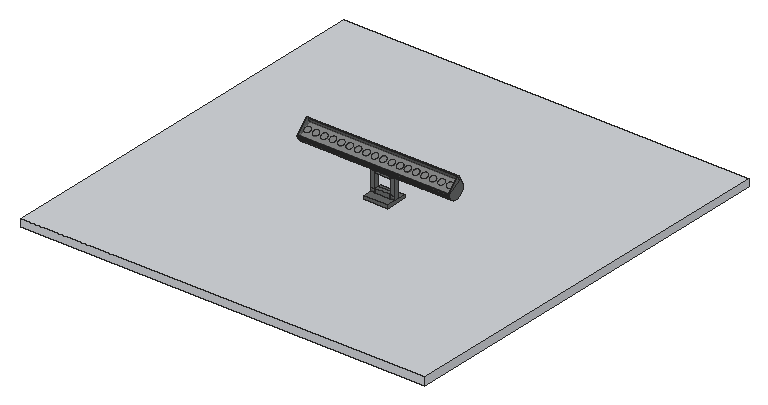
Revit family "INT-3", category Lighting Fixtures, host Face, Revit 2014
Parameters (values of type "INT")
  zz Angle = if(Angle Tilt < 0.5°, 0.5°, if(Angle Tilt > 89.5°, 89.5°, Angle Tilt))  # 60°
  Wings = Paint - Hubbell - Light Silver
  Width = 3.875"
  Watts = 35 W
  Wattage Comments = "35W"
  Warranty = "5 years Warranty"  # constant formula
  Voltage = 120 V
  URL = "https://www.hubbell.com/kimlighting/en/"
  Reflector Finish = Hubbell - White Glass
  Product White URL = "https://www.hubbell.com/kimlighting/en/p/6139252"
  Product RGWB URL = "https://www.hubbell.com/kimlighting/en/p/6139254"
  Product Family URL = "https://www.hubbell.com/kimlighting/en/p/6139241"
  Power Factor = 1
  Mounting = Paint - Hubbell - Light Silver
  Model = "INT-3"  # constant formula
  Manufacturer = "Kim Lighting"  # constant formula
  Load Classification = Lighting
  Length = 24.000"
  Lamp = "LED"  # constant formula
  Housing Material = Paint - Hubbell - Basic Black Textured
  Glass = Hubbell - Glass
  Fixture distribution = "Direct"  # constant formula
  Height = 6.000"
  Features = "Architectural linear product for wall and ground mounting\r\napplications such as sign lighting, wall washing, wall grazing, and\r\nbuilding accent lighting\r\n• IP66 rated product with linear run capabilities\r\n• Lumen range from 657 to 3,271 lm"  # constant formula
  Description = "Intent"  # constant formula
  Default Elevation = 48.000"
  Copyright = " ©2020 Kim Lighting, a division of Hubbell Lighting, Inc"  # constant formula
  Contact = "https://www.hubbell.com/kimlighting/en/contactUs"
  Connector Description = "Lighting Connector"  # constant formula
  Assembly Code = "D5020200"
  Apparent Load = Watts / Power Factor  # 35 VA
  Angle Tilt = 60°
Reference planes (in)
  plane 1 "Center (Front/Back)": y = 0
  plane 2: z = 0.5561
  plane 3 "Center (Left/Right)": x = 0
  plane 4: z = -5.92028
  plane 5: z = 6.5561
  plane 6: y = 2.5249
  plane 7: y = -2.5249
  plane 8: y = -1.9375
  plane 9: y = 1.9375
  plane 10: z = 16.60335
  plane 11: x = -12
  plane 12: x = 12
  plane 13: x = -8
  plane 14: x = 8
  plane 15: x = -2.9
  plane 16: x = 2.9
  plane 17: z = 1.3061
  plane 18: z = 5.5561
Forms (in)
  Extrusion 1, solid
    sketch origin (0, 0, 0) x (1, 0, 0) y (0, 1, 0)
      loop
        line (-48, 48) -> (-48, -48) -> (48, -48) -> (48, 48) -> (-48, 48)
    from 0.5561 to -1.25
  Extrusion 2, solid, material "Paint - Hubbell - Basic Black Textured" <- "Housing Material"
    sketch origin (0, 0, 0) x (1, 0, 0) y (0, 1, 0)
      loop
        line (-2.9, 2.5249) -> (-2.9, -2.5249) -> (2.9, -2.5249) -> (2.9, 2.5249) -> (-2.9, 2.5249)
    from 0.5561 to 1.3061
  Extrusion 3, solid, material "Paint - Hubbell - Basic Black Textured" <- "Housing Material"
    sketch origin (-9.1903, -0.03381, -5.03125) x (0, 1, 0) y (0, 0, -1)
      loop
        arc (0.41381, -7.14661) -> (0.03381, -6.27166) -> (-0.3462, -7.14661) r 0.52
        line (-0.3462, -7.14661) -> (-0.3462, -10.95669)
        arc (-0.3462, -10.95669) -> (0.03381, -11.83164) -> (0.41381, -10.95669) r 0.52
        line (0.41381, -10.95669) -> (0.41381, -7.14661)
    from -7.25042 to -6.2903
  Extrusion 4, solid, material "Paint - Hubbell - Basic Black Textured" <- "Housing Material"
    sketch origin (-9.05527, -0.03381, 10.9339) x (0, 1, 0) y (-1, 0, 0)
      loop
        arc (0.41381, -7.36435) -> (0.30251, -7.09565) -> (0.03381, -6.98435) r 0.38001
        arc (0.03381, -6.98435) -> (-0.2349, -7.09565) -> (-0.3462, -7.36435) r 0.38001
        line (-0.3462, -7.36435) -> (-0.3462, -10.67608)
        arc (-0.3462, -10.67608) -> (-0.2349, -10.94478) -> (0.03381, -11.05608) r 0.38001
        arc (0.03381, -11.05608) -> (0.30251, -10.94478) -> (0.41381, -10.67608) r 0.38001
        line (0.41381, -10.67608) -> (0.41381, -7.36435)
    from -5.3778 to -4.3778
  Extrusion 5, solid, material "Paint - Hubbell - Basic Black Textured" <- "Housing Material"
    sketch origin (-9.05527, -0.03381, 7.0589) x (0, 1, 0) y (-1, 0, 0)
      loop
        arc (0.41381, -7.40383) -> (0.30251, -7.13513) -> (0.03381, -7.02382) r 0.38001
        arc (0.03381, -7.02382) -> (-0.2349, -7.13513) -> (-0.3462, -7.40383) r 0.38001
        line (-0.3462, -7.40383) -> (-0.3462, -10.69582)
        arc (-0.3462, -10.69582) -> (-0.2349, -10.96452) -> (0.03381, -11.07582) r 0.38001
        arc (0.03381, -11.07582) -> (0.30251, -10.96452) -> (0.41381, -10.69582) r 0.38001
        line (0.41381, -10.69582) -> (0.41381, -7.40383)
    from -5.7528 to -4.7528
  Extrusion 6, solid, material "Paint - Hubbell - Basic Black Textured" <- "Housing Material"
    sketch origin (9.1903, -0.03381, -5.03125) x (0, 1, 0) y (0, 0, 1)
      loop
        line (0.41381, 7.14661) -> (0.41381, 10.95669)
        arc (0.41381, 10.95669) -> (0.03381, 11.83164) -> (-0.3462, 10.95669) r 0.52
        line (-0.3462, 10.95669) -> (-0.3462, 7.14661)
        arc (-0.3462, 7.14661) -> (0.03381, 6.27166) -> (0.41381, 7.14661) r 0.52
    from -7.24157 to -6.2903
Dimensions and locks (in)
  plane 2 to plane 4 = 6.47638"
  "Height": plane 5 to Extrusion 1
  equal spacing: plane 7, plane 1 "Center (Front/Back)", plane 6
  plane 7 to plane 6 = 5.0498"
  "Width": plane 9 to plane 8
  equal spacing: plane 9, plane 1 "Center (Front/Back)", plane 8
  equal spacing: plane 12, plane 3 "Center (Left/Right)", plane 11
  "Length": plane 12 to plane 11
  locked: plane 13 to plane 11 at 4
  locked: plane 12 to plane 14 at 4
  plane 6 to plane 7 = 5.0498"
  locked: plane 5 to plane 18 at 1
  "zz Angle": angle plane 5 to nested 1
  aligned and locked: plane 2 to Extrusion 1
  aligned and locked: nested 1 to plane 5
  aligned and locked: Extrusion 4 to plane 18
  aligned and locked: Extrusion 4 to plane 5
Automatic sketch dimensions
  Extrusion 1 sketch curve to Extrusion 1 sketch curve = 96.000"  (x2)
  plane 7 to Extrusion 2 sketch curve = 0.000"
  Extrusion 2 sketch curve to plane 15 = 0.000"
  Extrusion 2 sketch curve to plane 16 = 0.000"
  plane 6 to Extrusion 2 sketch curve = 0.000"
  Extrusion 3 sketch curve to plane 1 "Center (Front/Back)" = 0.000"  (x2)
  plane 1 "Center (Front/Back)" to Extrusion 3 sketch curve = 0.38001"
  Extrusion 3 sketch curve to plane 1 "Center (Front/Back)" = 0.38001"
  Extrusion 3 sketch curve to Extrusion 3 sketch curve = 0.35496"
  Extrusion 3 sketch curve to plane 17 = 0.80926"
  Extrusion 3 sketch curve to plane 17 = 0.45431"
  Extrusion 4 sketch curve to Extrusion 4 sketch curve = 0.000"  (x4)
  plane 1 "Center (Front/Back)" to Extrusion 4 sketch curve = 0.000"
  Extrusion 4 sketch curve to Extrusion 4 sketch curve = 0.38001"
  Extrusion 4 sketch curve to plane 16 = 1.27919"
  plane 15 to Extrusion 4 sketch curve = 1.20909"
  Extrusion 5 sketch curve to Extrusion 5 sketch curve = 0.000"  (x4)
  plane 1 "Center (Front/Back)" to Extrusion 5 sketch curve = 0.000"
  Extrusion 5 sketch curve to Extrusion 5 sketch curve = 0.38001"
  Extrusion 5 sketch curve to plane 16 = 1.25945"
  plane 15 to Extrusion 5 sketch curve = 1.24856"
  Extrusion 6 sketch curve to plane 1 "Center (Front/Back)" = 0.000"  (x2)
  plane 1 "Center (Front/Back)" to Extrusion 6 sketch curve = 0.38001"
  Extrusion 6 sketch curve to plane 1 "Center (Front/Back)" = 0.38001"
  Extrusion 6 sketch curve to plane 17 = 0.45431"
  Extrusion 6 sketch curve to Extrusion 6 sketch curve = 0.35496"
  plane 5 to Extrusion 3 sketch curve = 0.63067"
  plane 5 to Extrusion 6 sketch curve = 0.63067"
  plane 5 to Extrusion 6 sketch curve = 0.27571"
Nested families (in)
  nested 1: "Family2" at (1.10236, 0.3203, 6.5561) x (0, -0.5, 0.866) z (-1, 0, 0), type "Family2"
Connectors (in)
  electrical at (0, 0, 0.5561), driven by "Voltage", driven by "Apparent Load", driven by "Power Factor", driven by "Connector Description"
    settings: on Extrusion 2, index 1, voltage 120 V, apparent load 35 VA, apparent load phase1 0 VA, apparent load phase2 0 VA, apparent load phase3 0 VA, power factor 1, load classification "Other", number of poles 1, system type 30, power factor state 1, is connector primary yes, connector utility no, sub classification motor no, connector description "Lighting Connector"
Definition of nested family "Family2"
  Parameters (values of type "Family2")
    Wattage = 25 W
    built-in parameter 1150110 = 1 (stored number, unit not read)
    built-in parameter 1114217 = 1 (stored number, unit not read)
    Tilt Angle = 60°
    built-in parameter 1150109 = 1 (stored number, unit not read)
    built-in parameter 1150134 = 3
    built-in parameter 1150113 = 1 (stored number, unit not read)
    Photometric Web File = "INT-2-24L-30-3K7-WG.ies"
    built-in parameter 1150105 = 295.51 (stored number, unit not read)
    Lumens = 3713.55 lm
    built-in parameter 1150115 = 1 (stored number, unit not read)
    built-in parameter 1150137 = (empty or 0)
    built-in parameter 1150139 = (empty or 0)
    built-in parameter 1150112 = 1 (stored number, unit not read)
    built-in parameter 1150114 = 1 (stored number, unit not read)
    built-in parameter 1150132 = (empty or 0)
    built-in parameter 1150102 = (empty or 0)
    built-in parameter 1150107 = 3200 (stored number, unit not read)
    built-in parameter 1150138 = (empty or 0)
    built-in parameter 1150106 = 2.9551 (stored number, unit not read)
    Housing = Paint - Hubbell - Basic Black Textured
    Glass = Hubbell - Glass
    built-in parameter 1150104 = 13.8 (stored number, unit not read)
    Dimming Lamp Color Temperature Shift = (empty or 0)
    Default Elevation = 48.000"
    Color Filter = 16777215
    built-in parameter 1114218 = 1 (stored number, unit not read)
    built-in parameter 1150133 = 10 (stored number, unit not read)
  Reference planes (in)
    plane 1 "Center (Front/Back)": y = 0
    plane 2: z = 0
    plane 3 "Center (Left/Right)": x = 0
    plane 4: z = 19.1
    plane 5: z = -16.9
  Forms (in)
    Extrusion 1, solid
      sketch origin (0, 0, 0) x (1, 0, 0) y (0, 1, 0)
        loop
          line (-48, 48) -> (-48, -48) -> (48, -48) -> (48, 48) -> (-48, 48)
      from 0 to -12
    Extrusion 2, solid, material "Paint - Hubbell - Basic Black Textured" <- "Housing"
      sketch origin (-11.61927, -0.13326, 1.10236) x (0.008677, -0.999962, 0) y (0.999962, 0.008677, 0)
        loop
          line (-1.9375, 16.60335) -> (-1.9375, 14.58076)
          arc (-1.9375, 14.58076) -> (0.00667, 12.63658) -> (1.95085, 14.58076) r 1.94417
          line (1.95085, 14.58076) -> (1.95085, 14.78758)
          arc (1.95085, 14.78758) -> (1.89614, 14.83995) -> (1.95085, 14.89233) r 0.05243
          line (1.95085, 14.89233) -> (1.95085, 14.94535)
          arc (1.95085, 14.94535) -> (1.89751, 14.99776) -> (1.95085, 15.05018) r 0.05243
          line (1.95085, 15.05018) -> (1.95085, 15.10316)
          arc (1.95085, 15.10316) -> (1.89888, 15.15558) -> (1.95085, 15.208) r 0.05243
          line (1.95085, 15.208) -> (1.95085, 15.65069) -> (1.73341, 15.70895) -> (1.73341, 15.52932) -> (-1.73341, 15.52932) -> (-1.73341, 16.56736) -> (-1.9375, 16.60335)
      from -18.00236 to 17.99764
    Extrusion 3, solid, material "Paint - Hubbell - Basic Black Textured" <- "Housing"
      sketch origin (-11.61927, -0.13326, 1.10236) x (0.008677, -0.999962, 0) y (0.999962, 0.008677, 0)
        loop
          line (-1.9375, 16.60335) -> (-1.9375, 14.58076)
          arc (-1.9375, 14.58076) -> (0.00667, 12.63658) -> (1.95085, 14.58076) r 1.94417
          line (1.95085, 14.58076) -> (1.95085, 14.78758)
          arc (1.95085, 14.78758) -> (1.89614, 14.83955) -> (1.95005, 14.89236) r 0.05243
          line (1.95005, 14.89236) -> (1.95051, 14.94534)
          arc (1.95051, 14.94534) -> (1.89751, 14.99793) -> (1.95085, 15.05018) r 0.05243
          line (1.95085, 15.05018) -> (1.95085, 15.10316)
          arc (1.95085, 15.10316) -> (1.89888, 15.15558) -> (1.95085, 15.208) r 0.05243
          line (1.95085, 15.208) -> (1.95085, 15.65069) -> (-1.9375, 16.60335)
      from 17.73107 to 17.99764
    Extrusion 4, solid, material "Paint - Hubbell - Basic Black Textured" <- "Housing"
      sketch origin (-11.61927, -0.13326, 1.10236) x (-0.999962, -0.008677, 0) y (0.008677, -0.999962, 0)
        loop
          line (-16.60335, -1.9375) -> (-14.58076, -1.9375)
          arc (-14.58076, -1.9375) -> (-12.63658, 0.00667) -> (-14.58076, 1.95085) r 1.94417
          line (-14.58076, 1.95085) -> (-14.78758, 1.95085)
          arc (-14.78758, 1.95085) -> (-14.83995, 1.89614) -> (-14.89233, 1.95085) r 0.05243
          line (-14.89233, 1.95085) -> (-14.94535, 1.95085)
          arc (-14.94535, 1.95085) -> (-14.99776, 1.89751) -> (-15.05018, 1.95085) r 0.05243
          line (-15.05018, 1.95085) -> (-15.10316, 1.95085)
          arc (-15.10316, 1.95085) -> (-15.15558, 1.89888) -> (-15.208, 1.95085) r 0.05243
          line (-15.208, 1.95085) -> (-15.65069, 1.95085) -> (-16.60335, -1.9375)
      from 17.73107 to 17.99764
    Extrusion 5, solid, material "Hubbell - Glass" <- "Glass"
      sketch origin (-11.61927, -0.13326, 1.10236) x (0, 0, 1) y (0.008677, -0.999962, 0)
        loop
          line (17.73107, 1.95085) -> (-17.8125, 1.95085) -> (-17.8125, -1.76075) -> (17.73107, -1.76075) -> (17.73107, 1.95085)
      from 15.55834 to 15.65508
    Extrusion 6, solid, material "Paint - Hubbell - Basic Black Textured" <- "Housing"
      sketch origin (-12.05675, -0.13706, 1.10236) x (0.008677, -0.999962, 0) y (0.999962, 0.008677, 0)
        loop
          line (-1.28244, 13.69502) -> (-1.28244, 13.00042)
          arc (-1.28244, 13.00042) -> (-0.03244, 12.05749) -> (1.21756, 13.00042) r 1.3
          line (1.21756, 13.00042) -> (1.21756, 13.69502) -> (-1.28244, 13.69502)
      from -10.03944 to 9.89764
    Extrusion 7, solid, material "Hubbell - Glass" <- "Glass"
      sketch origin (-11.61927, -0.13326, 1.10236) x (0, 0, 1) y (0.008677, -0.999962, 0)
        loop
          circle (-5.20689, 0) r 0.75
        loop
          circle (-3.20689, 0) r 0.75
        loop
          circle (-1.20689, 0) r 0.75
        loop
          circle (0.79311, 0) r 0.75
        loop
          circle (2.79311, 0) r 0.75
        loop
          circle (4.79311, 0) r 0.75
        loop
          circle (6.79311, 0) r 0.75
        loop
          circle (8.79311, 0) r 0.75
        loop
          circle (10.79311, 0) r 0.75
        loop
          circle (12.79311, 0) r 0.75
        loop
          circle (14.79311, 0) r 0.75
        loop
          circle (16.79311, 0) r 0.75
        loop
          circle (-6.99784, 0) r 0.75
        loop
          circle (-8.99784, 0) r 0.75
        loop
          circle (-10.99784, 0) r 0.75
        loop
          circle (-12.99784, 0) r 0.75
        loop
          circle (-14.99784, 0) r 0.75
        loop
          circle (-16.99784, 0) r 0.75
      from 15.55834 to 15.65508
    Extrusion 8, solid, material "Paint - Hubbell - Basic Black Textured" <- "Housing"
      sketch origin (-11.61927, -0.13326, -22.71014) x (0.008677, -0.999962, 0) y (0.999962, 0.008677, 0)
        loop
          line (-1.9375, 16.60335) -> (-1.9375, 14.58076)
          arc (-1.9375, 14.58076) -> (0.00667, 12.63658) -> (1.95085, 14.58076) r 1.94417
          line (1.95085, 14.58076) -> (1.95085, 14.78758)
          arc (1.95085, 14.78758) -> (1.89614, 14.83995) -> (1.95085, 14.89233) r 0.05243
          line (1.95085, 14.89233) -> (1.95085, 14.94535)
          arc (1.95085, 14.94535) -> (1.89751, 14.99776) -> (1.95085, 15.05018) r 0.05243
          line (1.95085, 15.05018) -> (1.95085, 15.10316)
          arc (1.95085, 15.10316) -> (1.89888, 15.15558) -> (1.95085, 15.208) r 0.05243
          line (1.95085, 15.208) -> (1.95085, 15.65069) -> (-1.9375, 16.60335)
      from 5.81014 to 6
    Extrusion 9, void
      sketch origin (0, 0.3125, 0) x (0, 1, 0) y (0, 0, 1)
        loop
          circle (-1.38482, 1.10236) r 0.125
        loop
          circle (-1.38482, 8.10236) r 0.125
        loop
          circle (-1.38482, -5.89764) r 0.125
        loop
          circle (0.80743, 1.10236) r 0.125
        loop
          circle (0.80743, 8.10236) r 0.125
        loop
          circle (0.80743, -5.89764) r 0.125
      from -0.15201 to 1.38325
  Cuts and joins
    Extrusion 9 cuts Extrusion 2
    Extrusion 9 cuts Extrusion 5
    Extrusion 9 cuts Extrusion 6
  Lines and regions (in)
    reference lines
      curve 1: line (0, 0, 1.10236) -> (6.25, 0, 1.10236)
      curve 2: line (0, 0, 102.71882) -> (0, 0, -24)
  Dimensions and locks (in)
    curve 2 to cut or joined group of Extrusion 6, Extrusion 9 = 1.38325"
    plane 4 to plane 2 to plane 5 = 19.100", 16.900"
    aligned and locked: plane 2 to Extrusion 1
    aligned and locked: level to Extrusion 1
    aligned and locked: Extrusion 3 to Extrusion 2
